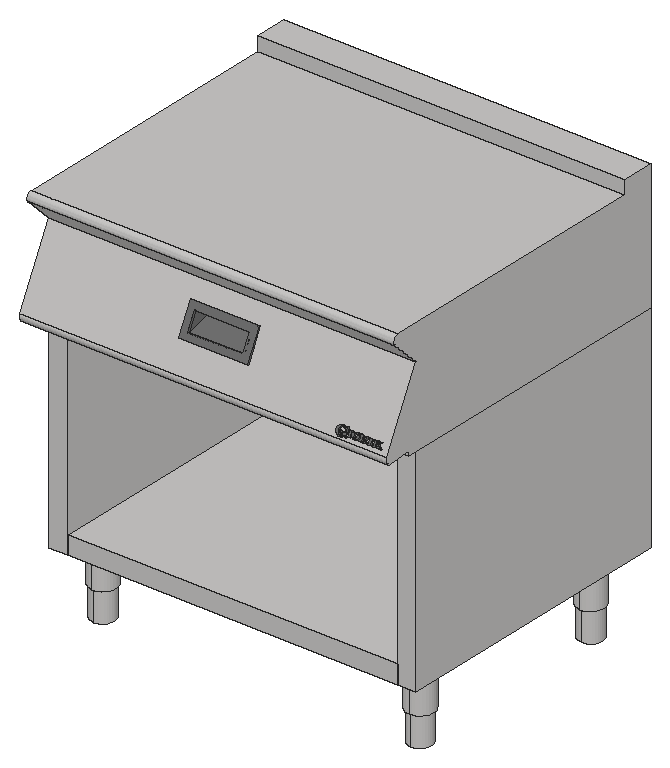
Revit family "QF_GIORIK_EN74CG", category Specialty Equipment, Revit 2014
Parameters (values of type "EN74CG")
  Weight in Pounds = 176.3696
  URL Cutsheet = "www.giorik.com"
  URL = "www.giorik.com"
  Status [instance] = ""
  Specification by User [instance] = ""
  Specification by Manufacturer = ""
  Show Logo [instance] = yes
  Show Clearance [instance] = yes
  Serial Number = ""
  Seismic Rating = ""
  SMACNA No = ""
  Revision Code [instance] = ""
  NAFEM Spec ID Number = ""
  Model = "EN74CG"
  Masterspec = ""
  Manufacturer = "GIORIK"
  Item Number [instance] = ""
  Installed By [instance] = ""
  Identify Quantity as Lot [instance] = no
  Furnished By [instance] = ""
  Foodservice Equipment Identifier [instance] = yes
  Description = "NEUTRAL UNIT WITH DRAWER ON OPEN BASE UNIT"
  CSI MasterFormat = ""
  Assembly Code = "E1090320"
Reference planes
  plane 1 "Back": y = 0
  plane 2: z = 0
  plane 3 "Left": x = 0
  plane 4 "Right": x = 800
  plane 5 "Front": y = -720
  plane 6 "Top": z = 900
Forms (mm)
  Extrusion 1, solid, visible <- "Show Logo"
    sketch origin (591.604, -736.761, 609.486) x (-1, 0, 0) y (0, 0.452718, 0.891654)
      loop
        line (-118.824, 58.358) -> (-127.804, 58.358) -> (-125.523, 56.445) -> (-125.523, 48.027) -> (-127.804, 46.113) -> (-118.824, 46.113) -> (-121.105, 48.027) -> (-121.105, 56.445) -> (-118.824, 58.358)
      loop
        line (-163.721, 58.358) -> (-172.7, 58.358) -> (-170.42, 56.445) -> (-170.42, 48.027) -> (-172.7, 46.113) -> (-163.721, 46.113) -> (-166.001, 48.027) -> (-166.001, 56.445) -> (-163.721, 58.358)
      loop
        line (-174.332, 58.358) -> (-183.312, 58.358) -> (-181.031, 56.445) -> (-181.031, 52.435) -> (-186.419, 56.955) -> (-184.416, 58.358) -> (-191.268, 58.358) -> (-188.01, 56.839) -> (-185.455, 54.283) -> (-190.846, 47.858) -> (-193.396, 46.93) -> (-193.396, 46.113) -> (-184.416, 46.113) -> (-185.437, 47.571) -> (-182.443, 51.552) -> (-181.031, 50.894) -> (-181.031, 48.027) -> (-183.312, 46.113) -> (-174.332, 46.113) -> (-176.613, 48.027) -> (-176.613, 56.445) -> (-174.332, 58.358)
      loop
        line (-115.429, 62.063) -> (-115.429, 54.198)
        arc (-115.429, 54.198) -> (-111.618, 57.803) -> (-106.847, 59.986) r 16.039
        arc (-106.847, 59.986) -> (-103.314, 59.837) -> (-100.512, 57.68) r 5.851
        arc (-100.512, 57.68) -> (-98.815, 52.267) -> (-100.512, 46.853) r 9.479
        arc (-100.512, 46.853) -> (-102.406, 44.986) -> (-104.846, 43.93) r 7.236
        arc (-104.846, 43.93) -> (-107.728, 44.111) -> (-110.052, 45.825) r 5.11
        line (-110.052, 45.825) -> (-110.052, 52.001) -> (-116.141, 52.001) -> (-116.141, 45.503) -> (-117.893, 43.751) -> (-114.094, 44.769)
        arc (-114.094, 44.769) -> (-112.56, 44.947) -> (-111.129, 44.366) r 3.115
        arc (-111.129, 44.366) -> (-104.216, 42.091) -> (-97.303, 44.366) r 11.641
        arc (-97.303, 44.366) -> (-93.396, 52.107) -> (-97.303, 59.849) r 9.622
        arc (-97.303, 59.849) -> (-104.369, 62.174) -> (-111.435, 59.849) r 11.898
        line (-111.435, 59.849) -> (-115.429, 62.063)
      loop
        arc (-129.234, 56.068) -> (-135.893, 58.628) -> (-142.552, 56.068) r 9.941
        arc (-142.552, 56.068) -> (-144.234, 52.286) -> (-142.552, 48.505) r 5.093
        arc (-142.552, 48.505) -> (-135.893, 45.945) -> (-129.234, 48.505) r 9.941
        arc (-129.234, 48.505) -> (-127.552, 52.286) -> (-129.234, 56.068) r 5.093
      loop
        arc (-132.628, 54.403) -> (-135.893, 57.668) -> (-139.158, 54.403) r 3.265
        line (-139.158, 54.403) -> (-139.158, 50.169)
        arc (-139.158, 50.169) -> (-135.893, 46.904) -> (-132.628, 50.169) r 3.265
        line (-132.628, 50.169) -> (-132.628, 54.403)
      loop
        arc (-156.363, 58.365) -> (-159.647, 55.081) -> (-156.363, 51.796) r 3.285
        line (-156.363, 51.796) -> (-159.529, 47.306) -> (-162.087, 46.113) -> (-155.847, 46.113) -> (-153.529, 51.083) -> (-150.637, 51.083) -> (-150.637, 47.784) -> (-153.022, 46.113) -> (-144.011, 46.113) -> (-146.094, 47.68) -> (-146.094, 56.493) -> (-144.229, 58.365) -> (-156.363, 58.365)
      loop
        line (-150.637, 57.512) -> (-153.637, 57.512)
        arc (-153.637, 57.512) -> (-156.237, 54.912) -> (-153.637, 52.312) r 2.6
        line (-153.637, 52.312) -> (-150.637, 52.312) -> (-150.637, 57.512)
      loop
        line (-108.924, 52.001) -> (-104.936, 49.005) -> (-100.948, 52.001) -> (-108.924, 52.001)
    from 1.5 to -0.5
  Extrusion 2, solid
    sketch origin (0, 1000, -20) x (0, 1, 0) y (0, 0, 1)
      loop
        line (-1000, 919.988) -> (-1070, 919.988) -> (-1070, 889.988) -> (-1688.806, 889.988)
        arc (-1688.806, 889.988) -> (-1699.151, 883.075) -> (-1696.724, 870.873) r 11.197
        line (-1696.724, 870.873) -> (-1640.876, 815.025) -> (-1718.948, 661.258)
        arc (-1718.948, 661.258) -> (-1718.233, 650.105) -> (-1708.118, 645.354) r 10.981
        line (-1708.118, 645.354) -> (-1660, 649.925) -> (-1660, 640) -> (-1000, 640) -> (-1000, 919.988)
    from 0 to 800
  Extrusion 3, solid
    sketch origin (0, 0, 599.536) x (1, 0, 0) y (0, 1, 0)
      loop
        line (0, -640) -> (40, -640) -> (40, -40) -> (760, -40) -> (760, -640) -> (800, -640) -> (800, 0) -> (0, 0) -> (0, -640)
    from -449.536 to 20.464
  Extrusion 4, solid
    sketch origin (0, 0, 0) x (1, 0, 0) y (0, 1, 0)
      loop
        line (40, -40) -> (40, -640) -> (760, -640) -> (760, -40) -> (40, -40)
    from 150 to 190
  Extrusion 5, solid
    sketch origin (-16, 560.81, 0) x (1, 0, 0) y (0, 1, 0)
      loop
        line (25, -1086.81) -> (25, -1156.81) -> (115, -1156.81) -> (115, -1086.81) -> (25, -1086.81)
    from 148 to 150
  Revolve 6, solid
    sketch origin (54, 560.81, 0) x (0, 1, 0) y (0, 0, 1)
      loop
        line (-1092.56, 66) -> (-1092.56, 148) -> (-1121.81, 148) -> (-1121.81, 0) -> (-1096.81, 0) -> (-1096.81, 66) -> (-1092.56, 66)
      axis (-1121.81, 0) -> (-1121.81, 148)
    angle from 0 to 360
  Revolve 7, solid
    sketch origin (54, 1025.81, 0) x (0, 1, 0) y (0, 0, 1)
      loop
        line (-1092.56, 66) -> (-1092.56, 148) -> (-1121.81, 148) -> (-1121.81, 0) -> (-1096.81, 0) -> (-1096.81, 66) -> (-1092.56, 66)
      axis (-1121.81, 0) -> (-1121.81, 148)
    angle from 0 to 360
  Extrusion 8, solid
    sketch origin (816, 560.81, 0) x (-1, 0, 0) y (0, -1, 0)
      loop
        line (25, 1086.81) -> (115, 1086.81) -> (115, 1156.81) -> (25, 1156.81) -> (25, 1086.81)
    from 148 to 150
  Revolve 9, solid
    sketch origin (746, 560.81, 0) x (0, 1, 0) y (0, 0, -1)
      loop
        line (-1092.56, -66) -> (-1096.81, -66) -> (-1096.81, 0) -> (-1121.81, 0) -> (-1121.81, -148) -> (-1092.56, -148) -> (-1092.56, -66)
      axis (-1121.81, 0) -> (-1121.81, -148)
    angle from 0 to 360
  Extrusion 10, solid
    sketch origin (816, -1217.81, 0) x (-1, 0, 0) y (0, -1, 0)
      loop
        line (25, -1086.81) -> (25, -1156.81) -> (115, -1156.81) -> (115, -1086.81) -> (25, -1086.81)
    from 148 to 150
  Revolve 11, solid
    sketch origin (746, -1217.81, 0) x (0, -1, 0) y (0, 0, 1)
      loop
        line (-1092.56, 66) -> (-1092.56, 148) -> (-1121.81, 148) -> (-1121.81, 0) -> (-1096.81, 0) -> (-1096.81, 66) -> (-1092.56, 66)
      axis (-1121.81, 0) -> (-1121.81, 148)
    angle from 0 to 360
  Extrusion 12, solid, visible <- "Show Clearance", detail levels coarse
    sketch origin (0, 45, 232) x (0, 1, 0) y (0, 0, 1)
      loop
        line (-685, 393.257) -> (-685, 563) -> (-1220, 563) -> (-1220, 393.257) -> (-685, 393.257)
    from 0 to 800
  Extrusion 13, solid
    sketch origin (400, -320.043, -86.16) x (0, 0.891654, -0.452718) y (0, 0.452718, 0.891654)
      loop
        line (-642, 585) -> (-685, 545) -> (-681.85, 545) -> (-642, 582.07) -> (-642, 585)
    from -60 to 60
  Extrusion 14, solid
    sketch origin (0, -930.826, 223.952) x (1, 0, 0) y (0, 0.452718, 0.891654)
      loop
        line (340, 585) -> (340, 545) -> (460, 545) -> (460, 585) -> (340, 585)
      loop
        line (325, 600) -> (325, 530) -> (475, 530) -> (475, 600) -> (325, 600)
    from 0 to 2
  Extrusion 15, solid
    sketch origin (0, -320.043, -86.16) x (1, 0, 0) y (0, 0.452718, 0.891654)
      loop
        line (338, 587) -> (338, 543) -> (462, 543) -> (462, 587) -> (338, 587)
      loop
        line (340, 585) -> (340, 545) -> (460, 545) -> (460, 585) -> (340, 585)
    from 642 to 685
  Extrusion 16, void
    sketch origin (0, 0, 0) x (0, 1, 0) y (0, 0, 1)
      loop
        line (-665.08, 747.353) -> (-685, 708.12) -> (-644.876, 687.748) -> (-624.956, 726.98) -> (-665.08, 747.353)
    from 338 to 462
  Extrusion 17, solid
    sketch origin (-16, -1217.81, 0) x (1, 0, 0) y (0, 1, 0)
      loop
        line (25, 1086.81) -> (115, 1086.81) -> (115, 1156.81) -> (25, 1156.81) -> (25, 1086.81)
    from 148 to 150
Cuts and joins
  Extrusion 16 cuts Extrusion 2
Lines and regions (mm)
  symbolic lines, style "200-EquipBorder-2D"
    curve 1: line (0, -720, 0) -> (800, -720, 0)
    curve 2: line (800, -720, 0) -> (800, 0, 0)
    curve 3: line (800, 0, 0) -> (0, 0, 0)
    curve 4: line (0, 0, 0) -> (0, -720, 0)
  symbolic lines, style "QF_Door-Drawer Clearances", visible <- "Show Clearance", detail levels coarse
    curve 5: line (0, -720, 0) -> (0, -1175, 0)
    curve 6: line (0, -1175, 900) -> (770, -1175, 900)
    curve 7: line (800, -1175, 900) -> (800, -720, 900)
  symbolic lines, style "200-EquipInternal-2D"
    curve 8: line (0, -70, 900) -> (800, -70, 900)
Dimensions and locks
  plane 3 "Left" to plane 4 "Right" = 800 mm
  plane 5 "Front" to plane 1 "Back" = 720 mm
  plane 4 "Right" to plane 3 "Left" = 800 mm
  plane 1 "Back" to plane 5 "Front" = 720 mm
  plane 6 "Top" to level = 900 mm  (x2)
  aligned and locked: level to plane 2
